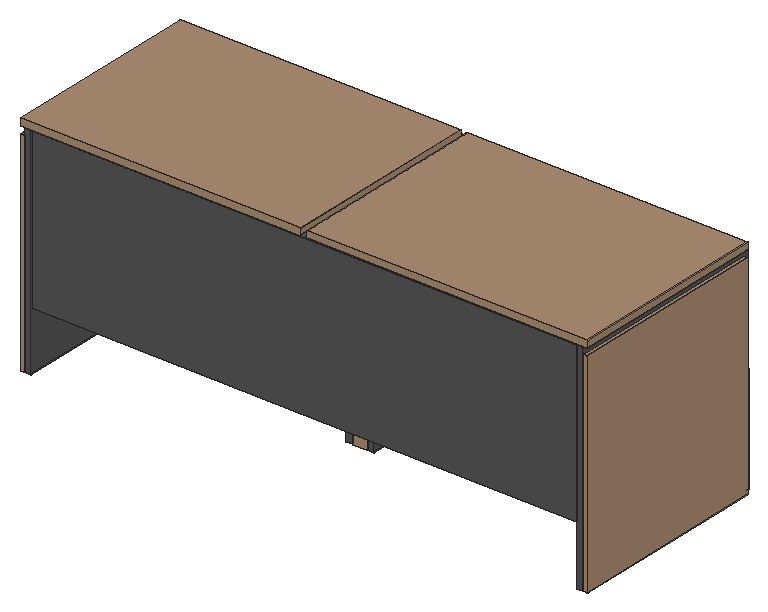
Revit family "Sanitary_Compound-Units_hansgrohe_54268XXX-Xilesa-E-Vanity-unit_1375-550_2-drawers_wash-bowl-countertop-basin", category Furniture, host Face, Revit 2022
Family settings
  Host = Face
  OmniClass Number = 23.21.19.15.33.13
  OmniClass Title = Residential Bathroom Specialty Casework
  Cut with Voids When Loaded = No
  Render Appearance Source = Family Geometry
  Shared = No
  Room Calculation Point = No
Parameters (values of type "550 Cashmere Oak")
  Version = 1  # constant formula
  URL = "https://www.hansgrohe.com/"
  Product data url = "https://www.bimobject.com/en/hansgrohe/product/54268XXX"
  Product Page URL = "https://www.hansgrohe.com/articledetail--54268550"
  Model = "54268XXX"  # constant formula
  Material 3 = Hansgrohe - Metal - Black
  Material 2 = Hansgrohe - MDF - Matt Black
  Material 1 = Hansgrohe - MDF - 550 Cashmere Oak
  Manufacturer = "Hansgrohe"  # constant formula
  Height = 0 mm
  Description = "Xilesa E Vanity unit 1375/550 with 2 drawer for consoles for wash bowl/counterstop basin ground"  # constant formula
  Default Elevation = 0 mm
  Date Updated = ""
  Date Created = "2024/02/03"  # constant formula
Types (5, lengths in mm): name | Material 1
  (no name) | Hansgrohe - MDF - 550 Cashmere Oak
  550 Cashmere Oak | Hansgrohe - MDF - 550 Cashmere Oak
  700 Matt White | Hansgrohe - MDF - 700 Matt White
  760 Slate Matt Grey | Hansgrohe - MDF - 760 Slate Matt Grey
  780 Sand Matt Beige | Hansgrohe - MDF - 780 Sand Matt Beige
Reference planes
  plane 1 "Center (Front/Back)": y = 0
  plane 2: z = 0
  plane 3 "Center (Left/Right)": x = 0
  plane 4: x = -687.5
  plane 5: x = 687.5
  plane 6: y = -500
  plane 7: z = 548
Dimensions and locks
  aligned and locked: plane 2 to host face
  aligned and locked: level to host face
Nested families
  nested 1: "54268XXX" at (0, -500, 0) x (1, 0, 0) z (0, 1, 0), Material 1 <- "Material 1", Material 2 <- "Material 2", Material 3 <- "Material 3", type "54268XXX"
    with Material 3 Hansgrohe - Metal - Black, Material 2 Hansgrohe - MDF - Matt Black, Material 1 Hansgrohe - MDF - 550 Cashmere Oak
Definition of nested family "54268XXX"
  Parameters (values of type "54268XXX")
    Version = 1  # constant formula
    URL = "https://www.hansgrohe.com/"
    Product data url = "https://www.bimobject.com/en/hansgrohe/product/54268XXX"
    Product Page URL = "https://www.hansgrohe.com/articledetail--54268550"
    Model = "54268XXX"  # constant formula
    Material 3 [instance] = none
    Material 2 [instance] = none
    Material 1 [instance] = none
    Manufacturer = "Hansgrohe"  # constant formula
    Description = "Xilesa E Vanity unit 1375/550 with 2 drawer for consoles for wash bowl/counterstop basin ground"  # constant formula
    Default Elevation = 1219.2 mm
    Date Updated = ""
    Date Created = "2024/12/16"  # constant formula
  Reference planes
    plane 1 "Center (Front/Back)": y = 0
    plane 2: z = 0
    plane 3 "Center (Left/Right)": x = 0
  Forms (mm)
    Extrusion 1, solid, material <- "Material 1", detail levels medium+fine
      sketch origin (-297.5, 0, 0) x (1, 0, 0) y (0, 1, 0)
        loop
          line (-380.6, 0) -> (-389.2, 0)
          arc (-389.2, 0) -> (-389.766, -0.234) -> (-390, -0.8) r 0.8
          line (-390, -0.8) -> (-390, -513.9)
          arc (-390, -513.9) -> (-389.766, -514.466) -> (-389.2, -514.7) r 0.8
          line (-389.2, -514.7) -> (-380.6, -514.7)
          arc (-380.6, -514.7) -> (-380.034, -514.466) -> (-379.8, -513.9) r 0.8
          line (-379.8, -513.9) -> (-379.8, -0.8)
          arc (-379.8, -0.8) -> (-380.034, -0.234) -> (-380.6, 0) r 0.8
      from 0 to 485
    Extrusion 2, solid, material <- "Material 1", detail levels medium+fine
      sketch origin (0, -90, 0) x (1, 0, 0) y (0, 1, 0)
        loop
          line (-686.7, -458) -> (-8.3, -458)
          arc (-8.3, -458) -> (-7.734, -457.766) -> (-7.5, -457.2) r 0.8
          line (-7.5, -457.2) -> (-7.5, -442.5)
          arc (-7.5, -442.5) -> (-7.734, -441.934) -> (-8.3, -441.7) r 0.8
          line (-8.3, -441.7) -> (-686.7, -441.7)
          arc (-686.7, -441.7) -> (-687.266, -441.934) -> (-687.5, -442.5) r 0.8
          line (-687.5, -442.5) -> (-687.5, -457.2)
          arc (-687.5, -457.2) -> (-687.266, -457.766) -> (-686.7, -458) r 0.8
      from 0 to 485
    Extrusion 3, solid, material <- "Material 2", detail levels medium+fine
      sketch origin (0, 0, 0) x (1, 0, 0) y (0, 1, 0)
        loop
          line (-677.3, -0.8) -> (-677.3, -528.9)
          arc (-677.3, -528.9) -> (-677.066, -529.466) -> (-676.5, -529.7) r 0.8
          line (-676.5, -529.7) -> (-662.1, -529.7)
          arc (-662.1, -529.7) -> (-661.534, -529.466) -> (-661.3, -528.9) r 0.8
          line (-661.3, -528.9) -> (-661.3, -0.8)
          arc (-661.3, -0.8) -> (-661.534, -0.234) -> (-662.1, 0) r 0.8
          line (-662.1, 0) -> (-676.5, 0)
          arc (-676.5, 0) -> (-677.066, -0.234) -> (-677.3, -0.8) r 0.8
      from 0 to 500
    Extrusion 4, solid, material <- "Material 2", detail levels fine
      sketch origin (0, 0, 0) x (1, 0, 0) y (0, 1, 0)
        loop
          line (-661.3, -145.2) -> (-661.3, -161.2) -> (0, -161.2) -> (661.3, -161.2) -> (661.3, -145.2) -> (0, -145.2) -> (-661.3, -145.2)
      from 17 to 125
    Extrusion 5, solid, material <- "Material 2", detail levels fine
      sketch origin (0, 0, 0) x (1, 0, 0) y (0, 1, 0)
        loop
          line (-661.3, -144.7) -> (-661.3, -529.7) -> (0, -529.7) -> (661.3, -529.7) -> (661.3, -144.7) -> (0, -144.7) -> (-661.3, -144.7)
      from 1 to 17
    Extrusion 6, solid, material <- "Material 3", detail levels fine
      sketch origin (0, -90, 0) x (1, 0, 0) y (0, 1, 0)
        loop
          line (-659.8, -436.9) -> (-659.8, -409.2) -> (-661.3, -409.2) -> (-661.3, -436.9)
          arc (-661.3, -436.9) -> (-660.626, -438.527) -> (-659, -439.2) r 2.3
          line (-659, -439.2) -> (-36, -439.2)
          arc (-36, -439.2) -> (-34.374, -438.527) -> (-33.7, -436.9) r 2.3
          line (-33.7, -436.9) -> (-33.7, -409.2) -> (-35.2, -409.2) -> (-35.2, -436.9)
          arc (-35.2, -436.9) -> (-35.434, -437.466) -> (-36, -437.7) r 0.8
          line (-36, -437.7) -> (-659, -437.7)
          arc (-659, -437.7) -> (-659.566, -437.466) -> (-659.8, -436.9) r 0.8
      from 449.5 to 499.5
    Extrusion 7, solid, material <- "Material 2", detail levels fine
      sketch origin (-297.5, -80, 1) x (1, 0, 0) y (0, 0, 1)
        loop
          line (-322.898, 33.98) -> (222.898, 33.98) -> (222.898, 48.98) -> (-322.898, 48.98) -> (-322.898, 33.98)
      from 109.4 to 451.7
    Extrusion 8, solid, material <- "Material 3", detail levels fine
      sketch origin (-247.5, -80, 1) x (1, 0, 0) y (0, 0, 1)
        loop
          line (198.3, 213.03) -> (198.3, 231.03) -> (183.3, 231.03) -> (183.3, 224.03) -> (192.95, 224.03) -> (192.95, 213.03) -> (198.3, 213.03)
      from 88.7 to 362.7
    Extrusion 9, solid, material <- "Material 3", detail levels fine
      sketch origin (-247.5, -80, 1) x (1, 0, 0) y (0, 0, 1)
        loop
          line (200.05, 211.28) -> (200.05, 232.78) -> (181.55, 232.78) -> (181.55, 211.28) -> (200.05, 211.28)
      from 451.7 to 362.7
    Extrusion 10, solid, material <- "Material 3", detail levels fine
      sketch origin (-347.5, -80, 1) x (1, 0, 0) y (0, 0, 1)
        loop
          line (-292.5, 223.8) -> (-292.5, 113.608) -> (-298.2, 97.947) -> (-298.2, 48) -> (-269.9, 48) -> (-269.9, 223.8) -> (-292.5, 223.8)
        loop
          line (292.5, 223.8) -> (269.9, 223.8) -> (269.9, 48) -> (298.2, 48) -> (298.2, 97.947) -> (292.5, 113.608) -> (292.5, 223.8)
      from 91.9 to 109.4
    Extrusion 11, void
      sketch origin (-347.5, -80, 1) x (1, 0, 0) y (0, 0, 1)
        loop
          line (-291.5, 222.8) -> (-291.5, 113.431) -> (-297.2, 97.771) -> (-297.2, 49) -> (-270.9, 49) -> (-270.9, 222.8) -> (-291.5, 222.8)
        loop
          line (291.5, 222.8) -> (270.9, 222.8) -> (270.9, 49) -> (297.2, 49) -> (297.2, 97.771) -> (291.5, 113.431) -> (291.5, 222.8)
      from 91.9 to 108.7
    Extrusion 12, solid, material <- "Material 2", detail levels fine
      sketch origin (-297.5, -80, 1) x (0, 1, 0) y (0, 0, 1)
        loop
          line (-92.7, 32.5) -> (-92.7, 113.5)
          arc (-92.7, 113.5) -> (-92.847, 113.854) -> (-93.2, 114) r 0.5
          line (-93.2, 114) -> (-108.2, 114)
          arc (-108.2, 114) -> (-108.554, 113.854) -> (-108.7, 113.5) r 0.5
          line (-108.7, 113.5) -> (-108.7, 32.5)
          arc (-108.7, 32.5) -> (-108.554, 32.146) -> (-108.2, 32) r 0.5
          line (-108.2, 32) -> (-93.2, 32)
          arc (-93.2, 32) -> (-92.847, 32.146) -> (-92.7, 32.5) r 0.5
      from -320 to 220
    Extrusion 13, solid, material <- "Material 3", detail levels fine
      sketch origin (-447.5, -80, 1) x (-1, 0, 0) y (0, 0, -1)
        loop
          line (198.3, -213.03) -> (192.95, -213.03) -> (192.95, -224.03) -> (183.3, -224.03) -> (183.3, -231.03) -> (198.3, -231.03) -> (198.3, -213.03)
      from 88.7 to 362.7
    Extrusion 14, solid, material <- "Material 3", detail levels fine
      sketch origin (-447.5, -80, 1) x (-1, 0, 0) y (0, 0, -1)
        loop
          line (200.05, -211.28) -> (181.55, -211.28) -> (181.55, -232.78) -> (200.05, -232.78) -> (200.05, -211.28)
      from 451.7 to 362.7
    Extrusion 15, solid, material <- "Material 1", detail levels coarse
      sketch origin (0, 0, 0) x (1, 0, 0) y (0, 1, 0)
        loop
          line (-687.5, -548) -> (687.5, -548) -> (687.5, 0) -> (661.3, 0) -> (661.3, -531.7) -> (-661.3, -531.7) -> (-661.3, 0) -> (-687.5, 0) -> (-687.5, -548)
      from 0 to 500
    Extrusion 16, solid, material <- "Material 2", detail levels medium+fine
      sketch origin (-695, 0, 0) x (-1, 0, 0) y (0, -1, 0)
        loop
          arc (-677.3, 0.8) -> (-677.066, 0.234) -> (-676.5, 0) r 0.8
          line (-676.5, 0) -> (-662.1, 0)
          arc (-662.1, 0) -> (-661.534, 0.234) -> (-661.3, 0.8) r 0.8
          line (-661.3, 0.8) -> (-661.3, 528.9)
          arc (-661.3, 528.9) -> (-661.534, 529.466) -> (-662.1, 529.7) r 0.8
          line (-662.1, 529.7) -> (-676.5, 529.7)
          arc (-676.5, 529.7) -> (-677.066, 529.466) -> (-677.3, 528.9) r 0.8
          line (-677.3, 528.9) -> (-677.3, 0.8)
      from 17 to 500
    Extrusion 17, solid, material <- "Material 1", detail levels medium+fine
      sketch origin (384.9, 0, 0) x (1, 0, 0) y (0, 1, 0)
        loop
          line (-368, 0) -> (-401.8, 0)
          arc (-401.8, 0) -> (-402.366, -0.234) -> (-402.6, -0.8) r 0.8
          line (-402.6, -0.8) -> (-402.6, -84.2)
          arc (-402.6, -84.2) -> (-402.366, -84.766) -> (-401.8, -85) r 0.8
          line (-401.8, -85) -> (-368, -85)
          arc (-368, -85) -> (-367.434, -84.766) -> (-367.2, -84.2) r 0.8
          line (-367.2, -84.2) -> (-367.2, -0.8)
          arc (-367.2, -0.8) -> (-367.434, -0.234) -> (-368, 0) r 0.8
      from 170 to 500
    Extrusion 18, void
      sketch origin (0, 0, 0) x (0, 1, 0) y (0, 0, 1)
        loop
          line (0, 170) -> (-135.7, 170)
          arc (-135.7, 170) -> (-156.913, 161.213) -> (-165.7, 140) r 30
          line (-165.7, 140) -> (-165.7, 0) -> (0, 0) -> (0, 170)
      from -45 to 45
    Extrusion 19, solid, material <- "Material 1", detail levels medium+fine
      sketch origin (384.9, 0, 0) x (1, 0, 0) y (0, 1, 0)
        loop
          line (-368, -443.7) -> (-401.8, -443.7)
          arc (-401.8, -443.7) -> (-402.366, -443.934) -> (-402.6, -444.5) r 0.8
          line (-402.6, -444.5) -> (-402.6, -513.9)
          arc (-402.6, -513.9) -> (-402.366, -514.466) -> (-401.8, -514.7) r 0.8
          line (-401.8, -514.7) -> (-368, -514.7)
          arc (-368, -514.7) -> (-367.434, -514.466) -> (-367.2, -513.9) r 0.8
          line (-367.2, -513.9) -> (-367.2, -444.5)
          arc (-367.2, -444.5) -> (-367.434, -443.934) -> (-368, -443.7) r 0.8
      from 17 to 500
    Extrusion 20, solid, material <- "Material 1", detail levels medium+fine
      sketch origin (297.5, 0, 0) x (-1, 0, 0) y (0, -1, 0)
        loop
          arc (-380.6, 0) -> (-380.034, 0.234) -> (-379.8, 0.8) r 0.8
          line (-379.8, 0.8) -> (-379.8, 513.9)
          arc (-379.8, 513.9) -> (-380.034, 514.466) -> (-380.6, 514.7) r 0.8
          line (-380.6, 514.7) -> (-389.2, 514.7)
          arc (-389.2, 514.7) -> (-389.766, 514.466) -> (-390, 513.9) r 0.8
          line (-390, 513.9) -> (-390, 0.8)
          arc (-390, 0.8) -> (-389.766, 0.234) -> (-389.2, 0) r 0.8
          line (-389.2, 0) -> (-380.6, 0)
      from 0 to 485
    Extrusion 21, solid, material <- "Material 1", detail levels medium+fine
      sketch origin (0, -90, 0) x (-1, 0, 0) y (0, -1, 0)
        loop
          arc (-686.7, 458) -> (-687.266, 457.766) -> (-687.5, 457.2) r 0.8
          line (-687.5, 457.2) -> (-687.5, 442.5)
          arc (-687.5, 442.5) -> (-687.266, 441.934) -> (-686.7, 441.7) r 0.8
          line (-686.7, 441.7) -> (-8.3, 441.7)
          arc (-8.3, 441.7) -> (-7.734, 441.934) -> (-7.5, 442.5) r 0.8
          line (-7.5, 442.5) -> (-7.5, 457.2)
          arc (-7.5, 457.2) -> (-7.734, 457.766) -> (-8.3, 458) r 0.8
          line (-8.3, 458) -> (-686.7, 458)
      from 0 to 485
    Extrusion 22, solid, material <- "Material 2", detail levels medium+fine
      sketch origin (0, 0, 0) x (-1, 0, 0) y (0, -1, 0)
        loop
          arc (-677.3, 0.8) -> (-677.066, 0.234) -> (-676.5, 0) r 0.8
          line (-676.5, 0) -> (-662.1, 0)
          arc (-662.1, 0) -> (-661.534, 0.234) -> (-661.3, 0.8) r 0.8
          line (-661.3, 0.8) -> (-661.3, 528.9)
          arc (-661.3, 528.9) -> (-661.534, 529.466) -> (-662.1, 529.7) r 0.8
          line (-662.1, 529.7) -> (-676.5, 529.7)
          arc (-676.5, 529.7) -> (-677.066, 529.466) -> (-677.3, 528.9) r 0.8
          line (-677.3, 528.9) -> (-677.3, 0.8)
      from 0 to 500
    Extrusion 23, solid, material <- "Material 3", detail levels fine
      sketch origin (0, -90, 0) x (-1, 0, 0) y (0, -1, 0)
        loop
          arc (-659.8, 436.9) -> (-659.566, 437.466) -> (-659, 437.7) r 0.8
          line (-659, 437.7) -> (-36, 437.7)
          arc (-36, 437.7) -> (-35.434, 437.466) -> (-35.2, 436.9) r 0.8
          line (-35.2, 436.9) -> (-35.2, 409.2) -> (-33.7, 409.2) -> (-33.7, 436.9)
          arc (-33.7, 436.9) -> (-34.374, 438.527) -> (-36, 439.2) r 2.3
          line (-36, 439.2) -> (-659, 439.2)
          arc (-659, 439.2) -> (-660.626, 438.527) -> (-661.3, 436.9) r 2.3
          line (-661.3, 436.9) -> (-661.3, 409.2) -> (-659.8, 409.2) -> (-659.8, 436.9)
      from 449.5 to 499.5
    Extrusion 24, solid, material <- "Material 2", detail levels fine
      sketch origin (297.5, -80, 1) x (-1, 0, 0) y (0, 0, -1)
        loop
          line (-322.898, -33.98) -> (-322.898, -48.98) -> (222.898, -48.98) -> (222.898, -33.98) -> (-322.898, -33.98)
      from 109.4 to 451.7
    Extrusion 25, solid, material <- "Material 3", detail levels fine
      sketch origin (247.5, -80, 1) x (-1, 0, 0) y (0, 0, -1)
        loop
          line (198.3, -213.03) -> (192.95, -213.03) -> (192.95, -224.03) -> (183.3, -224.03) -> (183.3, -231.03) -> (198.3, -231.03) -> (198.3, -213.03)
      from 88.7 to 362.7
    Extrusion 26, solid, material <- "Material 3", detail levels fine
      sketch origin (247.5, -80, 1) x (-1, 0, 0) y (0, 0, -1)
        loop
          line (200.05, -211.28) -> (181.55, -211.28) -> (181.55, -232.78) -> (200.05, -232.78) -> (200.05, -211.28)
      from 451.7 to 362.7
    Extrusion 27, solid, material <- "Material 3", detail levels fine
      sketch origin (347.5, -80, 1) x (-1, 0, 0) y (0, 0, -1)
        loop
          line (-292.5, -223.8) -> (-269.9, -223.8) -> (-269.9, -48) -> (-298.2, -48) -> (-298.2, -97.947) -> (-292.5, -113.608) -> (-292.5, -223.8)
        loop
          line (292.5, -223.8) -> (292.5, -113.608) -> (298.2, -97.947) -> (298.2, -48) -> (269.9, -48) -> (269.9, -223.8) -> (292.5, -223.8)
      from 91.9 to 109.4
    Extrusion 28, void
      sketch origin (347.5, -80, 1) x (-1, 0, 0) y (0, 0, -1)
        loop
          line (-291.5, -222.8) -> (-270.9, -222.8) -> (-270.9, -49) -> (-297.2, -49) -> (-297.2, -97.771) -> (-291.5, -113.431) -> (-291.5, -222.8)
        loop
          line (291.5, -222.8) -> (291.5, -113.431) -> (297.2, -97.771) -> (297.2, -49) -> (270.9, -49) -> (270.9, -222.8) -> (291.5, -222.8)
      from 91.9 to 108.7
    Extrusion 29, solid, material <- "Material 2", detail levels fine
      sketch origin (297.5, -80, 1) x (0, 1, 0) y (0, 0, -1)
        loop
          arc (-92.7, -32.5) -> (-92.847, -32.146) -> (-93.2, -32) r 0.5
          line (-93.2, -32) -> (-108.2, -32)
          arc (-108.2, -32) -> (-108.554, -32.146) -> (-108.7, -32.5) r 0.5
          line (-108.7, -32.5) -> (-108.7, -113.5)
          arc (-108.7, -113.5) -> (-108.554, -113.854) -> (-108.2, -114) r 0.5
          line (-108.2, -114) -> (-93.2, -114)
          arc (-93.2, -114) -> (-92.847, -113.854) -> (-92.7, -113.5) r 0.5
          line (-92.7, -113.5) -> (-92.7, -32.5)
      from -320 to 220
    Extrusion 30, solid, material <- "Material 3", detail levels fine
      sketch origin (447.5, -80, 1) x (1, 0, 0) y (0, 0, 1)
        loop
          line (198.3, 213.03) -> (198.3, 231.03) -> (183.3, 231.03) -> (183.3, 224.03) -> (192.95, 224.03) -> (192.95, 213.03) -> (198.3, 213.03)
      from 88.7 to 362.7
    Extrusion 31, solid, material <- "Material 3", detail levels fine
      sketch origin (447.5, -80, 1) x (1, 0, 0) y (0, 0, 1)
        loop
          line (200.05, 211.28) -> (200.05, 232.78) -> (181.55, 232.78) -> (181.55, 211.28) -> (200.05, 211.28)
      from 451.7 to 362.7
    Extrusion 32, solid, material <- "Material 2", detail levels medium+fine
      sketch origin (695, 0, 0) x (1, 0, 0) y (0, 1, 0)
        loop
          line (-677.3, -0.8) -> (-677.3, -528.9)
          arc (-677.3, -528.9) -> (-677.066, -529.466) -> (-676.5, -529.7) r 0.8
          line (-676.5, -529.7) -> (-662.1, -529.7)
          arc (-662.1, -529.7) -> (-661.534, -529.466) -> (-661.3, -528.9) r 0.8
          line (-661.3, -528.9) -> (-661.3, -0.8)
          arc (-661.3, -0.8) -> (-661.534, -0.234) -> (-662.1, 0) r 0.8
          line (-662.1, 0) -> (-676.5, 0)
          arc (-676.5, 0) -> (-677.066, -0.234) -> (-677.3, -0.8) r 0.8
      from 17 to 500
    Extrusion 33, solid, material <- "Material 3", detail levels fine
      sketch origin (-297.5, -80, 1) x (1, 0, 0) y (0, 0, 1)
        loop
          line (252.091, 33.98) -> (252.091, 115.48) -> (233.591, 115.48) -> (232.786, 100.114) -> (230.22, 99.98) -> (227.791, 53.623)
          arc (227.791, 53.623) -> (226.271, 50.325) -> (222.898, 48.98) r 4.9
          line (222.898, 48.98) -> (222.898, 33.98) -> (252.091, 33.98)
        loop
          line (-352.091, 33.98) -> (-322.898, 33.98) -> (-322.898, 48.98)
          arc (-322.898, 48.98) -> (-326.271, 50.325) -> (-327.791, 53.623) r 4.9
          line (-327.791, 53.623) -> (-330.22, 99.98) -> (-332.786, 100.114) -> (-333.591, 115.48) -> (-352.091, 115.48) -> (-352.091, 33.98)
      from 109.4 to 451.7
    Extrusion 34, solid, material <- "Material 3", detail levels fine
      sketch origin (297.5, -80, 1) x (-1, 0, 0) y (0, 0, -1)
        loop
          line (252.091, -33.98) -> (222.898, -33.98) -> (222.898, -48.98)
          arc (222.898, -48.98) -> (226.271, -50.325) -> (227.791, -53.623) r 4.9
          line (227.791, -53.623) -> (230.22, -99.98) -> (232.786, -100.114) -> (233.591, -115.48) -> (252.091, -115.48) -> (252.091, -33.98)
        loop
          line (-352.091, -33.98) -> (-352.091, -115.48) -> (-333.591, -115.48) -> (-332.786, -100.114) -> (-330.22, -99.98) -> (-327.791, -53.623)
          arc (-327.791, -53.623) -> (-326.271, -50.325) -> (-322.898, -48.98) r 4.9
          line (-322.898, -48.98) -> (-322.898, -33.98) -> (-352.091, -33.98)
      from 109.4 to 451.7
  Cuts and joins
    Extrusion 28 cuts Extrusion 27
    Extrusion 11 cuts Extrusion 10
    Extrusion 18 cuts Extrusion 32
    Extrusion 18 cuts Extrusion 16
  Lines and regions (mm)
    Masking region 1
      outline origin (0, 0, 0) x (1, 0, 0) y (0, 1, 0)
        loop
          line (-687.5, -0.8) -> (-687.5, -513.9)
          arc (-687.5, -513.9) -> (-687.266, -514.465) -> (-686.7, -514.7) r 0.8
          line (-686.7, -514.7) -> (-678.1, -514.7)
          arc (-678.1, -514.7) -> (-677.534, -514.465) -> (-677.3, -513.9) r 0.8
          line (-677.3, -513.9) -> (-677.3, -531.7) -> (-686.7, -531.7)
          arc (-686.7, -531.7) -> (-687.266, -531.934) -> (-687.5, -532.5) r 0.8
          line (-687.5, -532.5) -> (-687.5, -547.2)
          arc (-687.5, -547.2) -> (-687.266, -547.765) -> (-686.7, -548) r 0.8
          line (-686.7, -548) -> (-297.5, -548) -> (-8.3, -548)
          arc (-8.3, -548) -> (-7.734, -547.765) -> (-7.5, -547.2) r 0.8
          line (-7.5, -547.2) -> (-7.5, -532.5)
          arc (-7.5, -532.5) -> (-7.734, -531.934) -> (-8.3, -531.7) r 0.8
          line (-8.3, -531.7) -> (-17.7, -531.7) -> (-17.7, -529.2) -> (17.7, -529.2) -> (17.7, -531.7) -> (8.3, -531.7)
          arc (8.3, -531.7) -> (7.734, -531.934) -> (7.5, -532.5) r 0.8
          line (7.5, -532.5) -> (7.5, -547.2)
          arc (7.5, -547.2) -> (7.734, -547.765) -> (8.3, -548) r 0.8
          line (8.3, -548) -> (297.5, -548) -> (686.7, -548)
          arc (686.7, -548) -> (687.266, -547.765) -> (687.5, -547.2) r 0.8
          line (687.5, -547.2) -> (687.5, -532.5)
          arc (687.5, -532.5) -> (687.266, -531.934) -> (686.7, -531.7) r 0.8
          line (686.7, -531.7) -> (677.3, -531.7) -> (677.3, -513.9)
          arc (677.3, -513.9) -> (677.534, -514.465) -> (678.1, -514.7) r 0.8
          line (678.1, -514.7) -> (686.7, -514.7)
          arc (686.7, -514.7) -> (687.266, -514.465) -> (687.5, -513.9) r 0.8
          line (687.5, -513.9) -> (687.5, -0.8)
          arc (687.5, -0.8) -> (687.266, -0.234) -> (686.7, 0) r 0.8
          line (686.7, 0) -> (678.1, 0)
          arc (678.1, 0) -> (677.534, -0.234) -> (677.3, -0.8) r 0.8
          arc (677.3, -0.8) -> (677.066, -0.234) -> (676.5, 0) r 0.8
          line (676.5, 0) -> (662.1, 0)
          arc (662.1, 0) -> (661.534, -0.234) -> (661.3, -0.8) r 0.8
          line (661.3, -0.8) -> (661.3, -108.499) -> (627.8, -108.499) -> (627.8, -131.499) -> (661.3, -131.499) -> (661.3, -145.2) -> (33.7, -145.2) -> (33.7, -131.499) -> (67.2, -131.499) -> (67.2, -108.499) -> (33.7, -108.499) -> (33.7, -0.8)
          arc (33.7, -0.8) -> (33.466, -0.234) -> (32.9, 0) r 0.8
          line (32.9, 0) -> (18.5, 0)
          arc (18.5, 0) -> (17.934, -0.234) -> (17.7, -0.8) r 0.8
          arc (17.7, -0.8) -> (17.466, -0.234) -> (16.9, 0) r 0.8
          line (16.9, 0) -> (0, 0) -> (-16.9, 0)
          arc (-16.9, 0) -> (-17.466, -0.234) -> (-17.7, -0.8) r 0.8
          arc (-17.7, -0.8) -> (-17.934, -0.234) -> (-18.5, 0) r 0.8
          line (-18.5, 0) -> (-32.9, 0)
          arc (-32.9, 0) -> (-33.466, -0.234) -> (-33.7, -0.8) r 0.8
          line (-33.7, -0.8) -> (-33.7, -108.499) -> (-67.2, -108.499) -> (-67.2, -131.499) -> (-33.7, -131.499) -> (-33.7, -145.2) -> (-661.3, -145.2) -> (-661.3, -131.499) -> (-627.8, -131.499) -> (-627.8, -108.499) -> (-661.3, -108.499) -> (-661.3, -0.8)
          arc (-661.3, -0.8) -> (-661.534, -0.234) -> (-662.1, 0) r 0.8
          line (-662.1, 0) -> (-676.5, 0)
          arc (-676.5, 0) -> (-677.066, -0.234) -> (-677.3, -0.8) r 0.8
          arc (-677.3, -0.8) -> (-677.534, -0.234) -> (-678.1, 0) r 0.8
          line (-678.1, 0) -> (-686.7, 0)
          arc (-686.7, 0) -> (-687.266, -0.234) -> (-687.5, -0.8) r 0.8
    Masking region 2
      outline origin (0, 0, 0) x (0, 1, 0) y (0, 0, 1)
        loop
          line (-529.7, 500) -> (-529.7, 233.78) -> (-531.7, 233.78) -> (-531.7, 485) -> (-548, 485) -> (-548, 0) -> (-531.7, 0) -> (-531.7, 34.98) -> (-529.7, 34.98) -> (-529.7, 0) -> (0, 0) -> (0, 500) -> (-529.7, 500)
    Masking region 3
      outline origin (0, 0, 0) x (1, 0, 0) y (0, 0, 1)
        loop
          line (-687.5, 485) -> (-687.5, 0) -> (0, 0) -> (687.5, 0) -> (687.5, 485) -> (677.3, 485) -> (677.3, 500) -> (0, 500) -> (-677.3, 500) -> (-677.3, 485) -> (-687.5, 485)
    symbolic lines, detail levels medium+fine
      curve 1: line (-677.3, -531.7, 0) -> (-347.5, -531.7, 0)
      curve 2: line (-661.3, -145.2, 0) -> (-661.3, -531.7, 0)
      curve 3: line (-677.3, -0.8, 0) -> (-677.3, -513.9, 0)
      curve 4: line (-661.3, -161.2, 0) -> (-347.5, -161.2, 0)
      curve 25: line (0, -531.7, 34.98) -> (0, -531.7, 233.78)
      curve 26: line (0, -529.7, 233.78) -> (0, -529.7, 34.98)
      curve 29: line (0, -531.7, 211.28) -> (0, -529.7, 211.28)
      curve 30: line (0, -531.7, 116.48) -> (0, -529.7, 116.48)
      curve 31: line (-677.3, 0, 485) -> (677.3, 0, 485)
      curve 32: line (-661.3, 0, 500) -> (-661.3, 0, 485)
      curve 34: line (-17.7, -531.7, 0) -> (-347.5, -531.7, 0)
      curve 35: line (-33.7, -145.2, 0) -> (-33.7, -531.7, 0)
      curve 36: line (-17.7, -0.8, 0) -> (-17.7, -529.2, 0)
      curve 37: line (-33.7, -161.2, 0) -> (-347.5, -161.2, 0)
      curve 59: line (677.3, -531.7, 0) -> (347.5, -531.7, 0)
      curve 60: line (661.3, -145.2, 0) -> (661.3, -531.7, 0)
      curve 61: line (677.3, -0.8, 0) -> (677.3, -513.9, 0)
      curve 62: line (661.3, -161.2, 0) -> (347.5, -161.2, 0)
      curve 84: line (17.7, -531.7, 0) -> (347.5, -531.7, 0)
      curve 85: line (33.7, -145.2, 0) -> (33.7, -531.7, 0)
      curve 86: line (17.7, -0.8, 0) -> (17.7, -529.2, 0)
      curve 87: line (33.7, -161.2, 0) -> (347.5, -161.2, 0)
      curve 109: line (-661.3, -108.499, 0) -> (-661.3, -131.499, 0)
      curve 110: line (-33.7, -108.499, 0) -> (-33.7, -131.499, 0)
      curve 111: line (661.3, -108.499, 0) -> (661.3, -131.499, 0)
      curve 112: line (33.7, -108.499, 0) -> (33.7, -131.499, 0)
      curve 113: line (-17.7, 0, 500) -> (-17.7, 0, 485)
      curve 114: line (17.7, 0, 500) -> (17.7, 0, 485)
      curve 115: line (-7.5, 0, 485) -> (-7.5, 0, 0)
      curve 116: line (7.5, 0, 485) -> (7.5, 0, 0)
      curve 117: line (661.3, 0, 500) -> (661.3, 0, 485)
    symbolic lines, detail levels fine
      curve 5: line (-649.591, -161.2, 0) -> (-649.591, -527.7, 0)
      curve 6: line (-627.72, -161.2, 0) -> (-627.72, -171.9, 0)
      curve 7: line (-347.5, -171.9, 0) -> (-630.8, -171.9, 0)
      curve 8: line (-630.8, -189.4, 0) -> (-347.5, -189.4, 0)
      curve 9: line (-645.8, -168.7, 0) -> (-645.8, -441.7, 0)
      curve 10: line (-630.8, -168.7, 0) -> (-645.8, -168.7, 0)
      curve 11: line (-647.55, -441.7, 0) -> (-647.55, -527.7, 0)
      curve 12: line (-647.55, -441.7, 0) -> (-629.05, -441.7, 0)
      curve 13: line (-629.05, -441.7, 0) -> (-629.05, -527.7, 0)
      curve 14: line (-347.5, -527.7, 0) -> (-659, -527.7, 0)
      curve 15: arc (-659, -527.7, 0) -> (-659.566, -527.466, 0) -> (-659.8, -526.9, 0) r 0.8
      curve 16: line (-659.8, -526.9, 0) -> (-659.8, -499.2, 0)
      curve 17: line (-659.8, -499.2, 0) -> (-661.3, -499.2, 0)
      curve 18: arc (-661.3, -526.9, 0) -> (-660.626, -528.527, 0) -> (-659, -529.2, 0) r 2.3
      curve 19: line (-659, -529.2, 0) -> (-347.5, -529.2, 0)
      curve 20: line (-649.591, -529.2, 0) -> (-649.591, -531.7, 0)
      curve 21: line (-647.55, -529.2, 0) -> (-647.55, -531.7, 0)
      curve 22: line (-630.8, -441.7, 0) -> (-630.8, -168.7, 0)
      curve 23: line (-629.05, -529.2, 0) -> (-629.05, -531.7, 0)
      curve 24: line (-627.72, -529.2, 0) -> (-627.72, -531.7, 0)
      curve 27: line (0, 0, 485) -> (0, -514.7, 485)
      curve 28: line (0, -514.7, 485) -> (0, -514.7, 0)
      curve 33: line (-627.72, -189.4, 0) -> (-627.72, -527.7, 0)
      curve 38: line (-45.409, -161.2, 0) -> (-45.409, -527.7, 0)
      curve 39: line (-67.28, -161.2, 0) -> (-67.28, -171.9, 0)
      curve 40: line (-347.5, -171.9, 0) -> (-64.2, -171.9, 0)
      curve 41: line (-64.2, -189.4, 0) -> (-347.5, -189.4, 0)
      curve 42: line (-49.2, -168.7, 0) -> (-49.2, -441.7, 0)
      curve 43: line (-64.2, -168.7, 0) -> (-49.2, -168.7, 0)
      curve 44: line (-47.45, -441.7, 0) -> (-47.45, -527.7, 0)
      curve 45: line (-47.45, -441.7, 0) -> (-65.95, -441.7, 0)
      curve 46: line (-65.95, -441.7, 0) -> (-65.95, -527.7, 0)
      curve 47: line (-347.5, -527.7, 0) -> (-36, -527.7, 0)
      curve 48: arc (-36, -527.7, 0) -> (-35.434, -527.466, 0) -> (-35.2, -526.9, 0) r 0.8
      curve 49: line (-35.2, -526.9, 0) -> (-35.2, -499.2, 0)
      curve 50: line (-35.2, -499.2, 0) -> (-33.7, -499.2, 0)
      curve 51: arc (-33.7, -526.9, 0) -> (-34.374, -528.527, 0) -> (-36, -529.2, 0) r 2.3
      curve 52: line (-36, -529.2, 0) -> (-347.5, -529.2, 0)
      curve 53: line (-45.409, -529.2, 0) -> (-45.409, -531.7, 0)
      curve 54: line (-47.45, -529.2, 0) -> (-47.45, -531.7, 0)
      curve 55: line (-64.2, -441.7, 0) -> (-64.2, -168.7, 0)
      curve 56: line (-65.95, -529.2, 0) -> (-65.95, -531.7, 0)
      curve 57: line (-67.28, -529.2, 0) -> (-67.28, -531.7, 0)
      curve 58: line (-67.28, -189.4, 0) -> (-67.28, -527.7, 0)
      curve 63: line (649.591, -161.2, 0) -> (649.591, -527.7, 0)
      curve 64: line (627.72, -161.2, 0) -> (627.72, -171.9, 0)
      curve 65: line (347.5, -171.9, 0) -> (630.8, -171.9, 0)
      curve 66: line (630.8, -189.4, 0) -> (347.5, -189.4, 0)
      curve 67: line (645.8, -168.7, 0) -> (645.8, -441.7, 0)
      curve 68: line (630.8, -168.7, 0) -> (645.8, -168.7, 0)
      curve 69: line (647.55, -441.7, 0) -> (647.55, -527.7, 0)
      curve 70: line (647.55, -441.7, 0) -> (629.05, -441.7, 0)
      curve 71: line (629.05, -441.7, 0) -> (629.05, -527.7, 0)
      curve 72: line (347.5, -527.7, 0) -> (659, -527.7, 0)
      curve 73: arc (659, -527.7, 0) -> (659.566, -527.466, 0) -> (659.8, -526.9, 0) r 0.8
      curve 74: line (659.8, -526.9, 0) -> (659.8, -499.2, 0)
      curve 75: line (659.8, -499.2, 0) -> (661.3, -499.2, 0)
      curve 76: arc (661.3, -526.9, 0) -> (660.626, -528.527, 0) -> (659, -529.2, 0) r 2.3
      curve 77: line (659, -529.2, 0) -> (347.5, -529.2, 0)
      curve 78: line (649.591, -529.2, 0) -> (649.591, -531.7, 0)
      curve 79: line (647.55, -529.2, 0) -> (647.55, -531.7, 0)
      curve 80: line (630.8, -441.7, 0) -> (630.8, -168.7, 0)
      curve 81: line (629.05, -529.2, 0) -> (629.05, -531.7, 0)
      curve 82: line (627.72, -529.2, 0) -> (627.72, -531.7, 0)
      curve 83: line (627.72, -189.4, 0) -> (627.72, -527.7, 0)
      curve 88: line (45.409, -161.2, 0) -> (45.409, -527.7, 0)
      curve 89: line (67.28, -161.2, 0) -> (67.28, -171.9, 0)
      curve 90: line (347.5, -171.9, 0) -> (64.2, -171.9, 0)
      curve 91: line (64.2, -189.4, 0) -> (347.5, -189.4, 0)
      curve 92: line (49.2, -168.7, 0) -> (49.2, -441.7, 0)
      curve 93: line (64.2, -168.7, 0) -> (49.2, -168.7, 0)
      curve 94: line (47.45, -441.7, 0) -> (47.45, -527.7, 0)
      curve 95: line (47.45, -441.7, 0) -> (65.95, -441.7, 0)
      curve 96: line (65.95, -441.7, 0) -> (65.95, -527.7, 0)
      curve 97: line (347.5, -527.7, 0) -> (36, -527.7, 0)
      curve 98: arc (36, -527.7, 0) -> (35.434, -527.466, 0) -> (35.2, -526.9, 0) r 0.8
      curve 99: line (35.2, -526.9, 0) -> (35.2, -499.2, 0)
      curve 100: line (35.2, -499.2, 0) -> (33.7, -499.2, 0)
      curve 101: arc (33.7, -526.9, 0) -> (34.374, -528.527, 0) -> (36, -529.2, 0) r 2.3
      curve 102: line (36, -529.2, 0) -> (347.5, -529.2, 0)
      curve 103: line (45.409, -529.2, 0) -> (45.409, -531.7, 0)
      curve 104: line (47.45, -529.2, 0) -> (47.45, -531.7, 0)
      curve 105: line (64.2, -441.7, 0) -> (64.2, -168.7, 0)
      curve 106: line (65.95, -529.2, 0) -> (65.95, -531.7, 0)
      curve 107: line (67.28, -529.2, 0) -> (67.28, -531.7, 0)
      curve 108: line (67.28, -189.4, 0) -> (67.28, -527.7, 0)
  Dimensions and locks
    aligned and locked: level to plane 2
